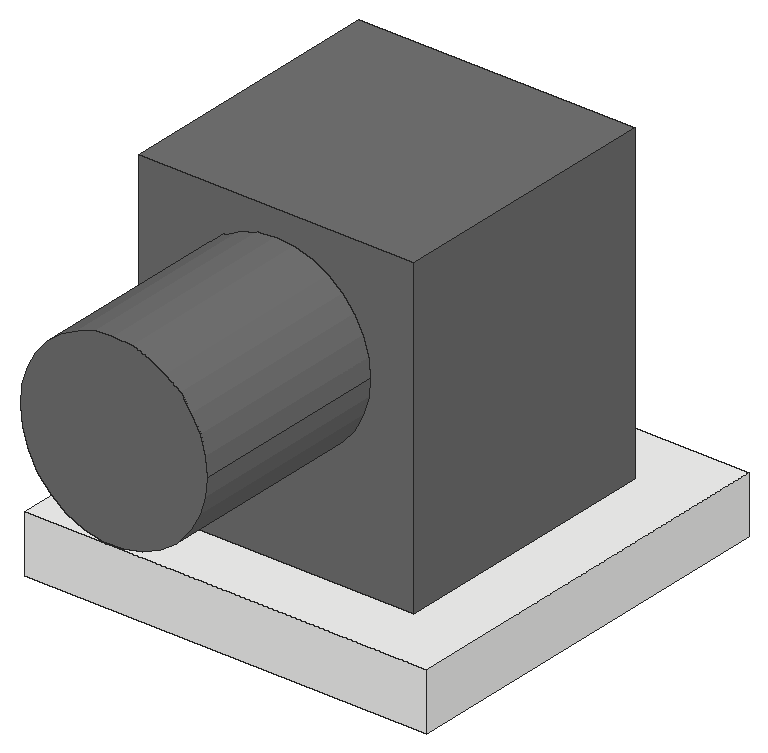
Revit family "vd-08zlxc14-w_60Hz", category 機械設備, Revit 2019
Family settings
  丸型コネクタ寸法 = 直径を使用
  パーツ タイプ = 標準
  OmniClass 番号 = 23.75.35.17.27
  OmniClass タイトル = Centrifugal Fans
  作業面ベース = いいえ
  常に垂直 = はい
  ロード時にボイドで切り取り = いいえ
  共有 = いいえ
  部屋計算ポイント = はい
Parameters (values of type "VD-08ZLXC14-W")
  騒音レベル(dB(A)) [instance] = 28
  風量 [instance] = 42.0 m³/h
  電源種別 [instance] = ""
  電圧 = 100 V
  電動機出力 = 0 W
  電動機_種別 [instance] = ""
  運転質量 = 0.00 kg
  連動 [instance] = ""
  質量 = if(製品質量 > 運転質量, 製品質量, 運転質量) * 1.2  # 1.32 kg
  負荷分類 = 3_ファン類
  説明 = "ダクト用換気扇 低騒音形 24時間換気機能付"
  設計風量 [instance] = 0.0 m³/h
  設置方法 = "天埋"
  記号 [instance] = ""
  製造元 = "三菱電機株式会社"
  製品質量 = 1.10 kg
  製品出荷対象 = "国内"
  製品リリース年月 = "2024年6月3日"
  製品グループ = ""
  系統 [instance] = ""
  符号 [instance] = if(☑給気／□排気, "FS", "FE")  # "FE"
  積算_科目 = "2 換気設備"
  積算_拾い区分 [instance] = ""
  相 = 1
  盤記号 [instance] = ""
  発停方法 [instance] = ""
  特殊仕様 [instance] = ""
  火災停止 [instance] = ""
  消費電力 = 2 W
  法定耐用年数 = "15"
  機外静圧 [instance] = 0.0 Pa
  極数 = 2
  材質 [instance] = ""
  操作・制御方式 = ""
  操作・制御スイッチ = ""
  排気量 [instance] = if(☑給気／□排気, 0.0 m³/h, 設計風量)  # 0.0 m³/h
  形式 = "天井埋込ダクト形"
  幹線記号 [instance] = ""
  対象室 [instance] = ""
  実風量 [instance] = 0.0 m³/h
  始動方式 [instance] = "直入"
  外気量 [instance] = if(☑給気／□排気, 設計風量, 0.0 m³/h)  # 0.0 m³/h
  呼称 = "天井扇"
  周波数 = 60 Hz
  参照している仕様書等のバージョン = ""
  分類コード = "50052503100030"
  分類グループ = ""
  価格 = 22700
  企業コード = "108420"
  付属品_防振装置 = ""
  付属品 [instance] = ""
  仕様書バージョン = "Version1.0"
  モデル = "VD-08ZLXC14-W"
  マテリアル = 合成樹脂(黒)
  ファンの種類 = ""
  ダクト径 = 100 mm
  コメント [instance] = ""
  Keynote = ""
  カバーマテリアル = 合成樹脂(白)
  ☑給気／□排気 [instance] = no
  Width = 144 mm
  W1 = 210 mm
  Version = ""
  Uniclass2015Version = "Systems v1.9"
  Uniclass2015Title = "Centrifugal fans"
  Uniclass2015Code = "Pr_65_67_29_12"
  URL = "https://www.mitsubishielectric.co.jp/ldg/wink/qr/002/333550/"
  SpecificationReference = ""
  SpecificationDescription = ""
  Revision = ""
  ProductInformation = ""
  OmniClassCode = "23-33 31 19 11 15"
  OAサイズ_D = 0 mm
  MIN風量 = 24.0 m³/h
  MIN静圧 = 0.0 Pa
  MID風量 = 0.0 m³/h
  MID静圧 = 0.0 Pa
  MAX風量 = 42.0 m³/h
  MAX静圧 = 0.0 Pa
  IfcTypeProduct = ""
  IfcProduct = ""
  IfcExportType = "PROPELLORAXIAL"
  IfcExportAs = "IfcFanType"
  Height = 164 mm
  H1 = 30 mm
  EAサイズ_D = 98 mm
  Duct_Height = 102 mm
  Duct_Depth = 106 mm
  Duct_Center = 0 mm
  Depth = 144 mm
  D1 = 210 mm
  Author = "三菱電機株式会社"
Reference planes
  plane 1 "中心(正面/背面)": y = 0
  plane 2: z = 0
  plane 3 "中心(左/右)": x = 0
  plane 4: x = -105
  plane 5: x = 105
  plane 6: y = 105
  plane 7: y = -105
  plane 8: x = -72
  plane 9: x = 72
  plane 10: y = 72
  plane 11: y = -72
  plane 12: y = -178
  plane 13: z = 164
  plane 14: z = -30
  plane 15: z = 102
  plane 16: x = 0
Forms (mm)
  Extrusion 1, solid, material "合成樹脂(黒)" <- "マテリアル", detail levels fine
    sketch origin (0, 0, 0) x (1, 0, 0) y (0, 1, 0)
      loop
        line (-72, 72) -> (-72, -72) -> (72, -72) -> (72, 72) -> (-72, 72)
    from 0 to 164
  Extrusion 2, solid, material "合成樹脂(白)" <- "カバーマテリアル", detail levels fine
    sketch origin (0, 0, 0) x (1, 0, 0) y (0, 1, 0)
      loop
        line (-105, 105) -> (-105, -105) -> (105, -105) -> (105, 105) -> (-105, 105)
    from 0 to -30
  Extrusion 3, solid, material "合成樹脂(黒)" <- "マテリアル", detail levels fine
    sketch origin (0, 0, 0) x (1, 0, 0) y (0, 0, 1)
      loop
        circle (0, 102) r 49
    from 72 to 178
Dimensions and locks
  equal spacing: plane 4, plane 3 "中心(左/右)", plane 5
  "W1": plane 4 to plane 5
  equal spacing: plane 6, plane 1 "中心(正面/背面)", plane 7
  "D1": plane 6 to plane 7
  equal spacing: plane 8, plane 3 "中心(左/右)", plane 9
  "Width": plane 8 to plane 9
  equal spacing: plane 10, plane 1 "中心(正面/背面)", plane 11
  "Depth": plane 10 to plane 11
  "Duct_Depth": plane 11 to plane 12
  "Height": plane 13 to plane 2
  "Duct_Height": plane 15 to plane 2
  "H1": plane 2 to plane 14
  "Duct_Center": plane 3 "中心(左/右)" to plane 16
  "EAサイズ_D": diameter of Extrusion 3 sketch curve
  aligned and locked: level to plane 2
  aligned and locked: plane 5 to Extrusion 2
  aligned and locked: plane 6 to Extrusion 2
  aligned and locked: Extrusion 2 to plane 4
  aligned and locked: Extrusion 2 to plane 7
  aligned and locked: plane 9 to Extrusion 1
  aligned and locked: Extrusion 1 to plane 11
  aligned and locked: Extrusion 1 to plane 8
  aligned and locked: plane 10 to Extrusion 1
  aligned and locked: plane 13 to Extrusion 1
  aligned and locked: Extrusion 2 to plane 14
  aligned and locked: level to Extrusion 2
  aligned and locked: Extrusion 1 to level
  aligned and locked: Extrusion 3 to plane 12
  aligned and locked: plane 11 to Extrusion 3
Automatic sketch dimensions
  Extrusion 1 sketch curve to plane 3 "中心(左/右)" = 72 mm
  plane 3 "中心(左/右)" to Extrusion 1 sketch curve = 72 mm
  Extrusion 2 sketch curve to plane 3 "中心(左/右)" = 105 mm
  plane 3 "中心(左/右)" to Extrusion 2 sketch curve = 105 mm
  plane 1 "中心(正面/背面)" to Extrusion 1 sketch curve = 72 mm
  Extrusion 1 sketch curve to plane 1 "中心(正面/背面)" = 72 mm
  plane 1 "中心(正面/背面)" to Extrusion 2 sketch curve = 105 mm
  Extrusion 2 sketch curve to plane 1 "中心(正面/背面)" = 105 mm
  Extrusion 3 sketch curve to plane 15 = 0 mm
  Extrusion 3 sketch curve to plane 16 = 0 mm
Nested families
  nested 1: "記号_天井換気扇_平面" at (0, 0, 0), type "記号_天井換気扇_平面", detail levels coarse+medium
Connectors
  hvac at (0, -178, 102), driven by "ダクト径", driven by "風量", driven by "機外静圧"
    settings: on Extrusion 3, index 1, duct flow 42.0 m³/h, flow factor 0, pres drop 0.0 Pa, loss coef 0, conn angle 0.00°, conn width 304.8 mm, conn height 304.8 mm, conn diameter 100 mm, duct sys type 3, conn prof type 0, flow config 0, flow direction 2, loss method 4, conn ref index -1, conn util no, is conn primary yes, conn desc ""
  electrical at (0, 0, 164), driven by "極数", driven by "負荷分類", driven by "電圧", driven by "消費電力"
    settings: on Extrusion 1, index 2, voltage 100 V, apparent load 2 VA, apparent load phase1 0 VA, apparent load phase2 0 VA, apparent load phase3 0 VA, power factor 1, load classification "3_ファン類", number of poles 2, system type 30, power factor state 1, is connector primary yes, connector utility no, sub classification motor no, connector description ""
Definition of nested family "記号_天井換気扇_平面"
  Reference planes
    plane 1: y = 0
    plane 2: x = 0
  Lines and regions (mm)
    detail lines
      curve 1: line (-2.5, 2.5, 0) -> (2.5, 2.5, 0)
      curve 2: line (-2.5, -2.5, 0) -> (-2.5, 2.5, 0)
      curve 3: line (2.5, -2.5, 0) -> (-2.5, -2.5, 0)
      curve 4: line (2.5, 2.5, 0) -> (2.5, -2.5, 0)
      curve 5: circle (-1.04, -1.04, 0) r 1.46 normal (0, 0, 1)
      curve 6: circle (1.04, 1.04, 0) r 1.46 normal (0, 0, 1)
      curve 7: line (-3.125, 3.125, 0) -> (3.125, 3.125, 0)
      curve 8: line (-3.125, -3.125, 0) -> (-3.125, 3.125, 0)
      curve 9: line (3.125, -3.125, 0) -> (-3.125, -3.125, 0)
      curve 10: line (3.125, 3.125, 0) -> (3.125, -3.125, 0)
      curve 11: circle (1.295, 1.295, 0) r 1.83 normal (0, 0, 1)
      curve 12: circle (-1.295, -1.295, 0) r 1.83 normal (0, 0, 1)
      curve 13: line (-2, 2, 0) -> (2, 2, 0)
      curve 14: line (-2, -2, 0) -> (-2, 2, 0)
      curve 15: line (2, -2, 0) -> (-2, -2, 0)
      curve 16: line (2, 2, 0) -> (2, -2, 0)
      curve 17: circle (0.84, 0.84, 0) r 1.16 normal (0, 0, 1)
      curve 18: circle (-0.84, -0.84, 0) r 1.2 normal (0, 0, 1)
